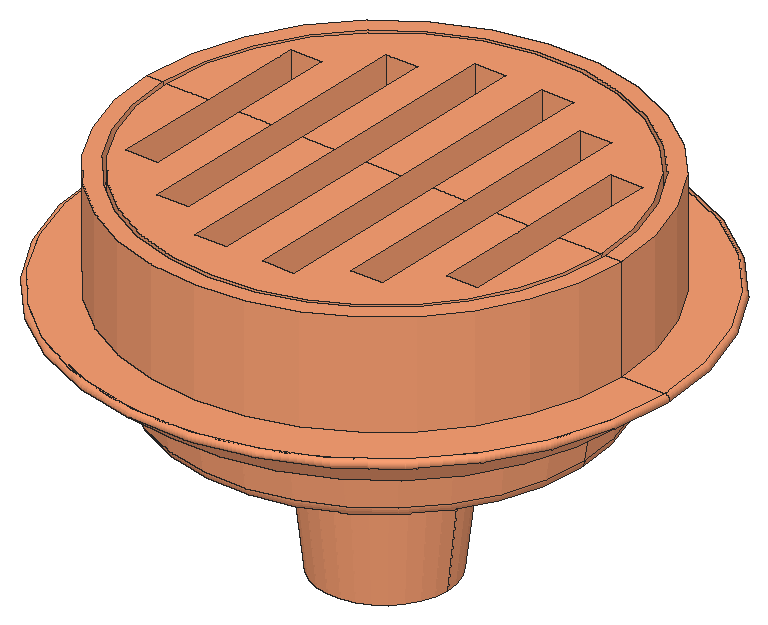
Revit family "Drain_Floor-Jay R.Smith-Round_Type-2108_Series", category Plumbing Fixtures, Revit 2019
Family settings
  Round Connector Dimension = Use Diameter
  Part Type = Normal
  OmniClass Number = 23.70.50.21.24
  OmniClass Title = Waste Water Drains
  Work Plane-Based = Yes
  Always vertical = Yes
  Cut with Voids When Loaded = No
  Shared = No
  Room Calculation Point = No
Parameters (values of type "2108C02")
  Waste Connection = yes
  Vent Connection = no
  URL = "http://www.jrsmith.com"
  Trap Primer Connection -P050   1/2" (13) & -P075 3/4" (19) = no
  Strainer Height = 1 5/8"  # constant formula
  Strainer Diameter = 7 1/2"  # constant formula
  Side Outlet = no
  Quad Close Trap Seal = no
  Product Page URL = "https://www.jrsmith.com/floor-drain-2108"
  Product Documentation Link = "https://www.jrsmith.com/uploads/fileLibrary/d2108.pdf"
  PB - Polished Bronze Top = no
  Outlet Radius = Outlet Diameter / 2  # 1"
  Outlet Diameter = 2"
  Non-Tilting Grate L/Bucket = no
  NB - Nickel Bronze Top = no
  Model = "2108C02"
  Manufacturer = "Jay R. Smith"  # constant formula
  Load Rating = "Light Duty having a Safe Live (Static) Load less than 2,000 lbs. (900 kg) per ASME A112.6.3 Floor Drain Standard."  # constant formula
  LXH - Speedi-Set Extra Heavy = no
  L - Speedi-Set Service Weight = no
  Installation Type = "Floor Mounted"  # constant formula
  HW Connection = no
  G - All Galvanized = no
  FBS - Flat Bottom Strainer = no
  Distance = Outlet Radius + 1/2"  # 1 1/2"
  Diameter = 9"  # constant formula
  Description = "Small Capacity General Purpose Floor Drain"  # constant formula
  Depth Of Body = 4"  # constant formula
  Default Elevation = 0"
  Connection Description = "2\" Caulk Outlet Connection"
  CW Connection = no
  Body Material = Cast Iron-Jay R Smith-Duco Coated
  Assembly Code = "D2030300"
Types (6): name | Outlet Radius | Outlet Diameter | Model | Distance | Connection Description
  2108C02 | 1" | 2" | "2108C02" | 1 1/2" | "2\" Caulk Outlet Connection"
  2108C03 | 1 1/2" | 3" | "2108C03" | 2" | "3\" Caulk Outlet Connection"
  2108C04 | 2" | 4" | "2108C04" | 2 1/2" | "4\" Caulk Outlet Connection"
  2108Y02 | 1" | 2" | "2108Y02" | 1 1/2" | "2\" No-HUB Outlet Connection"
  2108Y03 | 1 1/2" | 3" | "2108Y03" | 2" | "3\" No-HUB Outlet Connection"
  2108Y04 | 2" | 4" | "2108Y04" | 2 1/2" | "4\" No-HUB Outlet Connection"
Reference planes (in)
  plane 1 "Center (Front/Back)": y = 0
  plane 2: z = 0
  plane 3 "Center (Left/Right)": x = -0.54782
  plane 4: y = 0.8125
  plane 5: y = -0.8125
  plane 6: y = 1.625
  plane 7: y = 0.875
  plane 8: y = 0.125
  plane 9: y = -0.625
  plane 10: y = -1.375
  plane 11: y = -2.125
  plane 12: z = 0
  plane 13: x = -5.04782
  plane 14: x = 3.95218
  plane 15: z = -4
  plane 16: z = 1.625
  plane 17: x = -4.29782
  plane 18: x = 3.20218
  plane 19: x = -4.04782
  plane 20: x = 2.95218
Forms (in)
  Revolve 1, solid, material "Cast Iron-Jay R Smith-Duco Coated" <- "Body Material"
    sketch origin (0, 0, 0) x (1, 0, 0) y (0, 0, 1)
      loop
        line (-0.54782, -4) -> (0.45218, -4) -> (0.70355, -1.79779)
        arc (0.70355, -1.79779) -> (0.7849, -1.63813) -> (0.95218, -1.57392) r 0.25
        line (0.95218, -1.57392) -> (2.42036, -1.57392)
        arc (2.42036, -1.57392) -> (2.55209, -1.52579) -> (2.62176, -1.40408) r 0.20433
        line (2.62176, -1.40408) -> (2.74471, -0.68616) -> (3.20218, -0.68616) -> (3.92625, -0.12045)
        arc (3.92625, -0.12045) -> (3.94847, -0.04543) -> (3.88478, 0) r 0.06737
        line (3.88478, 0) -> (3.20218, 0) -> (3.20218, 1.625) -> (2.95218, 1.625) -> (2.95218, 1.125) -> (2.88968, 1.125) -> (2.88968, 1.625) -> (-0.54782, 1.625) -> (-0.54782, -4)
      axis (-0.54782, 1.625) -> (-0.54782, -4)
    angle from 0 to 360
  Extrusion 2, void
    sketch origin (0.01888, -0.03419, 0) x (1, 0, 0) y (0, 1, 0)
      loop
        line (-3.34928, 1.65751) -> (-3.34928, -1.58913) -> (-2.84928, -1.58913) -> (-2.84928, 1.65751) -> (-3.34928, 1.65751)
      loop
        line (-2.34928, 2.29324) -> (-2.34928, -2.22487) -> (-1.84928, -2.22487) -> (-1.84928, 2.29324) -> (-2.34928, 2.29324)
      loop
        line (-1.34928, 2.79324) -> (-1.34928, -2.72487) -> (-0.84928, -2.72487) -> (-0.84928, 2.79324) -> (-1.34928, 2.79324)
      loop
        line (2.21589, 1.65751) -> (1.71589, 1.65751) -> (1.71589, -1.58913) -> (2.21589, -1.58913) -> (2.21589, 1.65751)
      loop
        line (1.21589, 2.29324) -> (0.71589, 2.29324) -> (0.71589, -2.22487) -> (1.21589, -2.22487) -> (1.21589, 2.29324)
      loop
        line (0.21589, 2.79324) -> (-0.28411, 2.79324) -> (-0.28411, -2.72487) -> (0.21589, -2.72487) -> (0.21589, 2.79324)
    from 0 to 1.625
Cuts and joins
  Extrusion 2 cuts Revolve 1
Lines and regions (in)
  Masking region 1
    outline origin (0, 0, 0) x (1, 0, 0) y (0, 1, 0)
Dimensions and locks (in)
  equal spacing: plane 4, plane 1 "Center (Front/Back)", plane 5
  "Strainer Height": plane 4 to plane 5
  locked: plane 6 to plane 1 "Center (Front/Back)" at 1.625
  locked: plane 1 "Center (Front/Back)" to plane 7 at 0.875
  locked: plane 1 "Center (Front/Back)" to plane 8 at 0.125
  locked: plane 9 to plane 1 "Center (Front/Back)" at 0.625
  locked: plane 10 to plane 1 "Center (Front/Back)" at 1.375
  locked: plane 11 to plane 1 "Center (Front/Back)" at 2.125
  "Diameter": plane 14 to plane 13
  "Strainer Height": plane 16 to level
  "Depth Of Body": level to plane 15
  "Strainer Diameter": plane 18 to plane 17
  plane 20 to plane 19 = 7"
  "Outlet Radius": Revolve 1 sketch curve to plane 3 "Center (Left/Right)"
  locked: Revolve 1 sketch curve to plane 20 at 0.0625
  "Distance": Revolve 1 sketch curve to Revolve 1 sketch curve
  level to Revolve 1 sketch curve to Revolve 1 sketch curve to Revolve 1 sketch curve to Revolve 1 sketch curve to Revolve 1 sketch curve = 0.12045" locked, 0.5657" locked, 0" locked, 0.71793" locked, 0.16984" locked
  Revolve 1 sketch curve to Revolve 1 sketch curve to Revolve 1 sketch curve to Revolve 1 sketch curve to Revolve 1 sketch curve to Revolve 1 sketch curve = 2.96818" locked, 0.2014" locked, 0.12295" locked, 0.45747" locked, 0.72407" locked
  aligned and locked: Revolve 1 sketch curve to plane 3 "Center (Left/Right)"
  aligned and locked: Revolve 1 sketch curve to plane 18
  aligned and locked: plane 20 to Revolve 1 sketch curve
  aligned and locked: plane 16 to Revolve 1 sketch curve
  aligned and locked: plane 16 to Extrusion 2
  aligned and locked: Extrusion 2 to level
Automatic sketch dimensions
  Extrusion 2 sketch curve to plane 10 = 0.24832"  (x2)
  plane 19 to Extrusion 2 sketch curve = 0.71741"
  Extrusion 2 sketch curve to Extrusion 2 sketch curve = 1/2"  (x10)
  Extrusion 2 sketch curve to plane 11 = 0.13406"  (x2)
  Extrusion 2 sketch curve to plane 3 "Center (Left/Right)" = 0.28259"
  plane 3 "Center (Left/Right)" to Extrusion 2 sketch curve = 0.28259"
  Extrusion 2 sketch curve to plane 6 = 0.00168"  (x2)
  Extrusion 2 sketch curve to plane 11 = 0.63406"  (x2)
  plane 6 to Extrusion 2 sketch curve = 0.63406"  (x2)
  Extrusion 2 sketch curve to Extrusion 2 sketch curve = 0"
  Revolve 1 sketch curve to plane 3 "Center (Left/Right)" = 0"
  Revolve 1 sketch curve to level = 0"
  Revolve 1 sketch curve to plane 15 = 0"  (x2)
  Revolve 1 sketch curve to plane 16 = 0"
  Revolve 1 sketch curve to Revolve 1 sketch curve = 0.24863"
  Revolve 1 sketch curve to Revolve 1 sketch curve = 0.04148"
  Revolve 1 sketch curve to Revolve 1 sketch curve = 1/4"
  Revolve 1 sketch curve to plane 16 = 1/2"
  Revolve 1 sketch curve to Revolve 1 sketch curve = 2 3/4"
Connectors (in)
  piping at (-0.54782, 0, -4), diameter 2, driven by "Outlet Diameter", driven by "Connection Description"
    settings: on cut or joined group of Revolve 1, Extrusion 2, index 1, connector inside diameter 24", connector length 0", flow factor 0, pipe flow 0 GPM, pressure drop 0.00 psi, fitting loss kfactor 0, connector angle 0.00°, fixture units 0, engagement length 0", angle of deflection 0.00°, flow configuration 0, flow direction 2, fitting loss method 0, system type 16, joint type 0, gender type 0, connector reference index -1, connector utility 0, adjustable connector no, is connector primary yes, connector description "2\" Caulk Outlet Connection"
